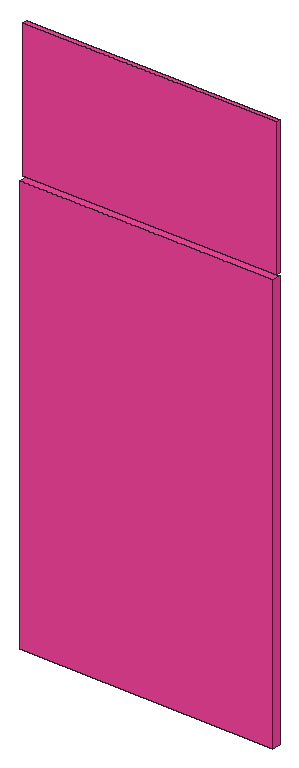
Revit family "EXP_WT-1A_CPan-026", category Curtain Panels, Revit 2021
Family settings
  OmniClass Number = 23.25.20.14.11.11.17
  OmniClass Title = Infill Panels
  Always vertical = Yes
  Cut with Voids When Loaded = No
  Shared = No
Parameters (values of type "H2 = 9'  8"")
  UI-UnitNumber [instance] = "001"
  UI-Quadrant [instance] = "SE"
  UI-ProjectAbbreviation = "NEU"
  UI-ItemCategory = "PID"
  UI-FloorNumber [instance] = "03"
  PNT-WallType = "WT1C"
  PNT-ProjectAbbreviation = "NEU"
  PNT-PanelType [instance] = "01"
  PNT-ItemCategory = "PNL"
  GlassSPH2(x2) [instance] = 0' - 2 3/16"
  GlassSPH1 [instance] = 0' - 1 1/8"
  GlassH2 [instance] = MP-F(Glass)
  GlassH1 [instance] = MP-F(Glass)
  Define Thermal Properties by = Schematic Type
  CellSp = 0' - 10 3/16"
  CellL [instance] = 6' - 2"
  CellH2 = 9' - 8"
  CellH1 [instance] = CellH - CellH2  # 3' - 3"
  CellH [instance] = 12' - 11"
  CellAngle [instance] = 45.00°
  Analytic Construction = "<None>"
Types (2): name | PNT-WallType | CellH2 | CellH1
  H2 = 8'  5 1/2" | "WT1A" | 8' - 5 1/2" | 4' - 5 1/2"
  H2 = 9'  8" | "WT1C" | 9' - 8" | 3' - 3"
Reference planes (in)
  plane 1 "Center (Front/Back)": y = 0
  plane 2: z = 0
  plane 3 "Center (Left/Right)": x = 0
  plane 4 "Left": x = -37
  plane 5 "Right": x = 37
  plane 6 "Top": z = 155
  plane 7: z = 116
  plane 8: y = -10.1875
Forms (in)
  Extrusion 1, solid, material "MP-F(Glass)" <- "GlassH2", detail levels coarse+medium
    sketch origin (0, 0, 0) x (1, 0, 0) y (0, 1, 0)
      loop
        line (37, 0) -> (-37, 0) -> (-26.8125, -10.1875) -> (37, -10.1875) -> (37, 0)
    from 0 to 116
  Extrusion 2, solid, material "MP-F(Glass)" <- "GlassH1", detail levels coarse+medium
    sketch origin (0, 0, 0) x (1, 0, 0) y (0, 1, 0)
      loop
        line (37, 0) -> (-37, 0) -> (-26.8125, -10.1875) -> (37, -10.1875) -> (37, 0)
    from 116 to 155
Lines and regions (in)
  reference lines
    curve 1: line (-37, 0, 0) -> (-2.35177, -34.64823, 0)
Text (in)
  text "Exterior" at (-92.59733, 55.75508, 0), in view "Ref. Level"
  text "Exterior" at (0, 90.18664, 173.49264), in view "Left"
  text "Exterior" at (0, 52.29083, 162.21847), in view "Right"
Dimensions and locks (in)
  equal spacing: plane 4 "Left", plane 3 "Center (Left/Right)", plane 5 "Right"  (x2)
  "CellH2": plane 2 to plane 7
  "CellH1": plane 7 to plane 6 "Top"
  "CellL": plane 4 "Left" to plane 5 "Right"
  "CellH": plane 2 to plane 6 "Top"
  "CellSp": plane 8 to plane 1 "Center (Front/Back)"
  "CellAngle": angle curve 1 to plane 1 "Center (Front/Back)"
  aligned and locked: level to plane 2
  aligned and locked: Extrusion 1 sketch curve to plane 1 "Center (Front/Back)"
  aligned and locked: Extrusion 1 sketch curve to plane 8
  aligned and locked: Extrusion 1 sketch curve to curve 1
  aligned and locked: Extrusion 1 sketch curve to plane 5 "Right"
  aligned and locked: plane 7 to Extrusion 1
  aligned and locked: Extrusion 1 to plane 2
  aligned and locked: Extrusion 2 sketch curve to plane 1 "Center (Front/Back)"
  aligned and locked: Extrusion 2 sketch curve to plane 8
  aligned and locked: Extrusion 2 sketch curve to curve 1
  aligned and locked: Extrusion 2 sketch curve to plane 5 "Right"
  aligned and locked: Extrusion 2 to plane 6 "Top"
  aligned and locked: Extrusion 2 to plane 7
  aligned and locked: plane 1 "Center (Front/Back)" to nested 1
  aligned and locked: plane 5 "Right" to nested 1
  aligned and locked: plane 4 "Left" to nested 1
  aligned and locked: nested 1 to plane 6 "Top"
  aligned and locked: plane 2 to curve 1
  aligned and locked: plane 1 "Center (Front/Back)" to nested 2
  aligned and locked: nested 2 to plane 6 "Top"
  aligned and locked: plane 7 to nested 2
  aligned and locked: plane 5 "Right" to nested 2
  aligned and locked: plane 4 "Left" to nested 2
  aligned and locked: plane 1 "Center (Front/Back)" to nested 3
  aligned and locked: plane 7 to nested 3
  aligned and locked: plane 2 to nested 3
  aligned and locked: plane 5 "Right" to nested 3
  aligned and locked: plane 4 "Left" to nested 3
Automatic sketch dimensions
  plane 1 "Center (Front/Back)" to curve 1 = 0' - 0"
  curve 1 to plane 4 "Left" = 0' - 0"
Nested families (in)
  nested 1: "EXP_xx_DetO-002" at (0, 0, 0), CellH <- "CellH", CellL <- "CellL", type "EXP_xx_DetO-002", detail levels coarse
    with CellL 6' - 2", CellH 12' - 11"
  nested 2: "EXP_WT-1x_IG-003" at (0, 0, 135.5), MaterialGlass <- "GlassH1", GlassSP <- "GlassSPH1", type "A = 90_GlassSP = H1", detail levels fine
    with MaterialGlass MP-F(Glass), GlassSP 0' - 1 1/8", GlassL 5' - 8.87402", GlassH 3' - 1 5/16", CellL 6' - 2", CellH 3' - 3"
  nested 3: "EXP_WT-1x_IG-003" at (0, 0, 58), MaterialGlass <- "GlassH2", GlassSP <- "GlassSPH2(x2)", type "A = 90_GlassSP = H2(x2)", detail levels fine
    with MaterialGlass MP-F(Glass), GlassSP 0' - 2 3/16", GlassL 5' - 8.87402", GlassH 9' - 6.06299", CellL 6' - 2", CellH 9' - 8"
Definition of nested family "EXP_WT-1x_IG-003"
  Parameters (values of type "A = 90_H2(x2) _ GlassSP = 2 1/8"")
    MaterialGlass [instance] = none
    GlassSP [instance] = 0' - 2.12598"
    GlassL [instance] = CellL - (GlassD1 + GlassD3)  # 3' - 7.69291"
    GlassH [instance] = CellH - (GlassD2 + GlassD4)  # 6' - 6.64788"
    GlassD4 = 0' - 1.43701"
    GlassD3 = 0' - 0.93701"
    GlassD2 = 0' - 0 1/2"
    GlassD1 = 0' - 4.18898"
    GMPI-ProjectAbbreviation = "NEU"
    GMPI-IteamCategory = "GLS"
    Default Elevation = 0' - 0"
    CellL [instance] = 4' - 0.8189"
    CellH [instance] = 6' - 8.58489"
  Types (20): name | GlassSP | GlassL | GlassH | GlassD4 | GlassD2 | GlassD1
    A = 90_H2(x2) _ GlassSP = 2 1/8" | 0' - 2.12598" | 3' - 7.69291" | 6' - 6.64788" | 0' - 1.43701" | 0' - 0 1/2" | 0' - 4.18898"
    A = 90_H1 _ GlassSP = 1 1/4" | 0' - 1 1/4" | 3' - 7.69291" | 6' - 6.89739" | 0' - 0 1/4" | 0' - 1 7/16" | 0' - 4.18898"
    A = 90_H2(x3) _ GlassSP = 2 1/8" | 0' - 2.12598" | 3' - 7.69291" | 6' - 7.83489" | 0' - 0 1/4" | 0' - 0 1/2" | 0' - 4.18898"
    A = 90_H3 _ GlassSP = 1 1/4" | 0' - 1 1/4" | 3' - 7.69291" | 6' - 6.64788" | 0' - 1.43701" | 0' - 0 1/2" | 0' - 4.18898"
    A = 90_H _ GlassSP = 1 1/4" | 0' - 1 1/4" | 3' - 7.69291" | 6' - 5.71088" | 0' - 1.43701" | 0' - 1.43701" | 0' - 4.18898"
    A = 78_H _ GlassSP = 1 1/4" | 0' - 1 1/4" | 3' - 6.75591" | 6' - 5.71088" | 0' - 1.43701" | 0' - 1.43701" | 0' - 5.12598"
    A = 78_H1 _ GlassSP = 1 1/4" | 0' - 1 1/4" | 3' - 6.75591" | 6' - 6.89739" | 0' - 0 1/4" | 0' - 1 7/16" | 0' - 5.12598"
    A = 78_H2(x2) _ GlassSP = 2 1/8" | 0' - 2.12598" | 3' - 6.75591" | 6' - 6.64788" | 0' - 1.43701" | 0' - 0 1/2" | 0' - 5.12598"
    A = 78_H2(x3) _ GlassSP = 2 1/8" | 0' - 2.12598" | 3' - 6.75591" | 6' - 7.83489" | 0' - 0 1/4" | 0' - 0 1/2" | 0' - 5.12598"
    A = 78_H3 _ GlassSP = 1 1/4" | 0' - 1 1/4" | 3' - 6.75591" | 6' - 6.64788" | 0' - 1.43701" | 0' - 0 1/2" | 0' - 5.12598"
    A = 90_GlassSP = H | 0' - 1 1/4" | 3' - 7.69291" | 6' - 5.71088" | 0' - 1.43701" | 0' - 1.43701" | 0' - 4.18898"
    A = 90_ GlassSP = H3 | 0' - 1 1/4" | 3' - 7.69291" | 6' - 6.64788" | 0' - 1.43701" | 0' - 0 1/2" | 0' - 4.18898"
    A = 90_GlassSP = H2(x3) | 0' - 2.12598" | 3' - 7.69291" | 6' - 7.83489" | 0' - 0 1/4" | 0' - 0 1/2" | 0' - 4.18898"
    A = 90_GlassSP = H2(x2) | 0' - 2.12598" | 3' - 7.69291" | 6' - 6.64788" | 0' - 1.43701" | 0' - 0 1/2" | 0' - 4.18898"
    A = 90_GlassSP = H1 | 0' - 1 1/4" | 3' - 7.69291" | 6' - 6.89739" | 0' - 0 1/4" | 0' - 1 7/16" | 0' - 4.18898"
    A = 78_GlassSP = H | 0' - 1 1/4" | 3' - 6.75591" | 6' - 5.71088" | 0' - 1.43701" | 0' - 1.43701" | 0' - 5.12598"
    A = 78_ GlassSP = H3 | 0' - 1 1/4" | 3' - 6.75591" | 6' - 6.64788" | 0' - 1.43701" | 0' - 0 1/2" | 0' - 5.12598"
    A = 78_ GlassSP = H2(x3) | 0' - 2.12598" | 3' - 6.75591" | 6' - 7.83489" | 0' - 0 1/4" | 0' - 0 1/2" | 0' - 5.12598"
    A = 78_GlassSP = H2(x2) | 0' - 2.12598" | 3' - 6.75591" | 6' - 6.64788" | 0' - 1.43701" | 0' - 0 1/2" | 0' - 5.12598"
    A = 78_GlassSP = H1 | 0' - 1 1/4" | 3' - 6.75591" | 6' - 6.89739" | 0' - 0 1/4" | 0' - 1 7/16" | 0' - 5.12598"
  Reference planes (in)
    plane 1 "Center (Front/Back)": y = 0
    plane 2: z = 0
    plane 3 "Center (Left/Right)": x = 0
    plane 4: x = -24.40945
    plane 5: x = 24.40945
    plane 6: z = 40.29245
    plane 7: x = -20.22047
    plane 8: x = 23.47244
    plane 9: z = -40.29245
    plane 10: z = 39.79245
    plane 11: z = -38.85544
  Forms (in)
    Extrusion 1, solid, material <- "MaterialGlass"
      sketch origin (0, 0, 0) x (1, 0, 0) y (0, 0, 1)
        loop
          line (-20.22047, -38.85544) -> (23.47244, -38.85544) -> (23.47244, 39.79245) -> (-20.22047, 39.79245) -> (-20.22047, -38.85544)
      from 0 to 2.12598 <- "GlassSP"
  Dimensions and locks (in)
    equal spacing: plane 6, level, plane 9
    "CellH": plane 6 to plane 9
    "GlassD2": plane 6 to plane 10
    "GlassD4": plane 11 to plane 9
    equal spacing: plane 4, plane 3 "Center (Left/Right)", plane 5
    "CellL": plane 4 to plane 5
    "GlassD1": plane 4 to plane 7
    "GlassD3": plane 5 to plane 8
    aligned and locked: level to plane 2
    aligned and locked: Extrusion 1 sketch curve to plane 11
    aligned and locked: Extrusion 1 sketch curve to plane 7
    aligned and locked: plane 10 to Extrusion 1 sketch curve
    aligned and locked: plane 8 to Extrusion 1 sketch curve
Definition of nested family "EXP_xx_DetO-002"
  Parameters (values of type "EXP_xx_DetO-002")
    Default Elevation = 0' - 0"
    CellL [instance] = 5' - 4.56693"
    CellH [instance] = 5' - 2.99213"
  Reference planes (in)
    plane 1 "Center (Front/Back)": y = 0
    plane 2: z = 0
    plane 3 "Center (Left/Right)": x = 0
    plane 4: x = -32.28346
    plane 5: x = 32.28346
    plane 6: z = 62.99213
  Lines and regions (in)
    model lines
      curve 1: line (-32.28346, 0, 62.99213) -> (32.28346, 0, 0)
      curve 2: line (32.28346, 0, 62.99213) -> (-32.28346, 0, 0)
  Dimensions and locks (in)
    "CellH": plane 6 to level
    equal spacing: plane 4, plane 3 "Center (Left/Right)", plane 5
    "CellL": plane 4 to plane 5
    aligned and locked: level to plane 2
  Automatic sketch dimensions
    curve 2 to level = 0' - 0"
    plane 4 to curve 2 = 0' - 0"
    plane 4 to curve 1 = 0' - 0"
    plane 5 to curve 2 = 0' - 0"
    curve 1 to level = 0' - 0"
    plane 5 to curve 1 = 0' - 0"
    curve 2 to plane 6 = 0' - 0"
    curve 1 to plane 6 = 0' - 0"
